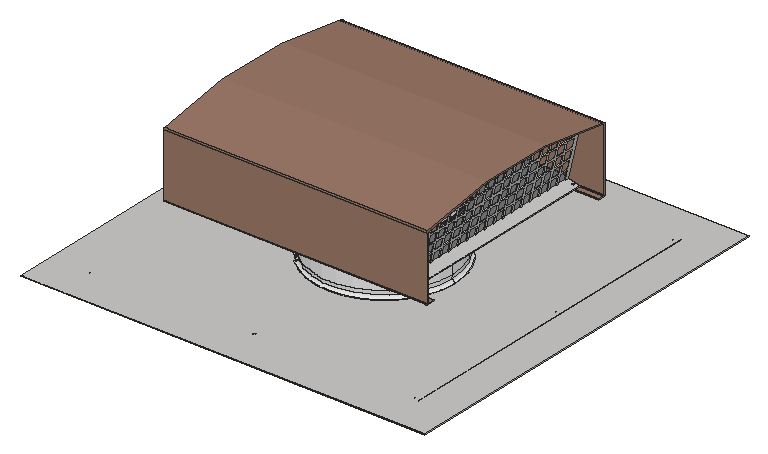
Revit family "HVAC-Other- ANJOS Ventilation-CTM 200", category Air Terminals, Revit 2024
Family settings
  Round Connector Dimension = Use Diameter
  Part Type = Normal
  Work Plane-Based = No
  Always vertical = Yes
  Cut with Voids When Loaded = No
  Maintain Annotation Orientation = No
  Shared = No
  Room Calculation Point = No
Parameters (values of type "200mm Terracotta Roof Terminal")
  URL = "http://www.airflow.com"
  Part number = "90001353"
  Pressure = 100.0 Pa
  Product name = "200mm Terracotta Roof Terminal"
  Manufacturer's name = "Airflow"
  Model = "200mm Terracotta Roof Terminal"
  Product URL link = "https://www.airflow.com/product/roof-cowls-and-slates/90001353"
  Manufacturer's URL link = "http://www.airflow.com"
  Installation instructions URL link = "https://www.airflow.com/product/roof-cowls-and-slates/90001353"
  Roof height (mm) = "140"  # constant formula
  Cap height (mm) = "82"  # constant formula
  Manufacturer = "Airflow"
  Manufacturer email = "info@airflow.com"
  Material 4 = ANJ010016 4
  Material 3 = ANJ010016 3
  Material 2 = ANJ010016 2
  Material 1 = ANJ010016 1
  Extract air flow at 20 Pa (m3/h) = "900"  # constant formula
  Supply air flow at 20 Pa (m3/h) = "600"  # constant formula
  Flow rate = 166.667 L/s
  Lead dimensions (mm) = "590x590"  # constant formula
  Cap dimensions (mm) = "333x400"  # constant formula
  Connection diameter = 200 mm  # constant formula
  Default Elevation = 0 mm
Types (3, lengths in mm): name | URL | Part number | Product name | Model | Product URL link | Manufacturer's URL link | Installation instructions URL link | Material 3
  (no name) | "http://www.airflow.com" | "90001353" | "200mm Terracotta Roof Terminal" | "200mm Terracotta Roof Terminal" | "https://www.airflow.com/product/roof-cowls-and-slates/90001353" | "http://www.airflow.com" | "https://www.airflow.com/product/roof-cowls-and-slates/90001353" | ANJ010016 3
  200mm Terracotta Roof Terminal | "http://www.airflow.com" | "90001353" | "200mm Terracotta Roof Terminal" | "200mm Terracotta Roof Terminal" | "https://www.airflow.com/product/roof-cowls-and-slates/90001353" | "http://www.airflow.com" | "https://www.airflow.com/product/roof-cowls-and-slates/90001353" | ANJ010016 3
  200mm dia Slate Roof Terminal | "http://www.airflow.com/" | "90001352" | "200mm Slate Roof Terminal" | "200mm Slate Roof Terminal" | "https://www.airflow.com/product/roof-cowls-and-slates/90001352" | "http://www.airflow.com/" | "https://www.airflow.com/product/roof-cowls-and-slates/90001352" | ANJ010016 3'
Reference planes
  plane 1 "Center (Front/Back)": y = 0
  plane 2: z = 0
  plane 3 "Center (Left/Right)": x = 0
Nested families
  nested 1: "ANJ010016 CTM" at (0, 0, 0), type "ANJ010016 CTM"
Connectors
  hvac at (0, 0, 0), driven by "Connection diameter", driven by "Flow rate", driven by "Pressure"
    settings: on level, index 1, duct flow 166.667 L/s, flow factor 0, pres drop 100.0 Pa, loss coef 0, conn angle 0.00°, conn width 304.8 mm, conn height 304.8 mm, conn diameter 200 mm, duct sys type 4, conn prof type 0, flow config 0, flow direction 0, loss method 4, conn ref index -1, conn util no, is conn primary yes, conn desc ""
Definition of nested family "ANJ010016 CTM"
  Parameters (values of type "ANJ010016 CTM")
    Version = "3"
    URL = "http://www.anjos-ventilation.com/"
    Polantis code = "ANJ010016"
    Model = "CTM"
    Manufacturer = "Anjos Ventilation"
    Email fabricant = "contact@anjos-ventilation.com "
    Matériel 4 = none
    Matériel 3 = none
    Matériel 2 = none
    Matériel 1 = none
    Débit à 20 Pa en rejet = ""
    Débit à 20 Pa en prise d'air = ""
    Default Elevation = 0 mm
  Reference planes
    plane 1 "Center (Front/Back)": y = 0
    plane 2: z = 0
    plane 3 "Center (Left/Right)": x = 0
  Forms (mm)
    Revolve 1, solid, material <- "Matériel 1"
      sketch origin (0, 0, 231.331) x (1, 0, 0) y (0, 0, 1)
        loop
          line (97.54, -68.331) -> (97.54, -86.566)
          arc (97.54, -86.566) -> (102.98, -93.301) -> (97.54, -100.037) r 6.89
          line (97.54, -100.037) -> (97.54, -182.813)
          arc (97.54, -182.813) -> (96.007, -187.462) -> (97.54, -192.111) r 7.819
          line (97.54, -192.111) -> (97.54, -199.729)
          arc (97.54, -199.729) -> (95.936, -204.534) -> (97.54, -209.339) r 8.001
          line (97.54, -209.339) -> (97.54, -231.331) -> (98.54, -231.331) -> (98.54, -208.993)
          arc (98.54, -208.993) -> (96.936, -204.534) -> (98.54, -200.075) r 7.001
          line (98.54, -200.075) -> (98.54, -191.769)
          arc (98.54, -191.769) -> (97.007, -187.462) -> (98.54, -183.155) r 6.819
          line (98.54, -183.155) -> (98.54, -100.801)
          arc (98.54, -100.801) -> (103.98, -93.301) -> (98.54, -85.801) r 7.89
          line (98.54, -85.801) -> (98.54, -68.331) -> (97.54, -68.331)
        axis (0, -68.331) -> (0, -231.331)
      angle from 0 to 360
    Extrusion 2, solid, material <- "Matériel 4"
      sketch origin (4.534, 0, 264.484) x (0.224951, 0, 0.97437) y (0, -1, 0)
        loop
          line (87.616, 164) -> (-5.373, 164) -> (-5.373, 160.5) -> (9.559, 160.5) -> (9.559, 145.5) -> (-5.373, 145.5) -> (-5.373, 143.5) -> (9.559, 143.5) -> (9.559, 128.5) -> (-5.373, 128.5) -> (-5.373, 126.5) -> (9.559, 126.5) -> (9.559, 111.5) -> (-5.373, 111.5) -> (-5.373, 109.5) -> (9.559, 109.5) -> (9.559, 94.5) -> (-5.373, 94.5) -> (-5.373, 92.5) -> (9.559, 92.5) -> (9.559, 77.5) -> (-5.373, 77.5) -> (-5.373, 75.5) -> (9.559, 75.5) -> (9.559, 60.5) -> (-5.373, 60.5) -> (-5.373, 58.5) -> (9.559, 58.5) -> (9.559, 43.5) -> (-5.373, 43.5) -> (-5.373, 41.5) -> (9.559, 41.5) -> (9.559, 26.5) -> (-5.373, 26.5) -> (-5.373, 24.5) -> (9.559, 24.5) -> (9.559, 9.5) -> (-5.373, 9.5) -> (-5.373, 7.5) -> (9.559, 7.5) -> (9.559, -7.5) -> (-5.373, -7.5) -> (-5.373, -9.5) -> (9.559, -9.5) -> (9.559, -24.5) -> (-5.373, -24.5) -> (-5.373, -26.5) -> (9.559, -26.5) -> (9.559, -41.5) -> (-5.373, -41.5) -> (-5.373, -43.5) -> (9.559, -43.5) -> (9.559, -58.5) -> (-5.373, -58.5) -> (-5.373, -60.5) -> (9.559, -60.5) -> (9.559, -75.5) -> (-5.373, -75.5) -> (-5.373, -77.5) -> (9.559, -77.5) -> (9.559, -92.5) -> (-5.373, -92.5) -> (-5.373, -94.5) -> (9.559, -94.5) -> (9.559, -109.5) -> (-5.373, -109.5) -> (-5.373, -111.5) -> (9.559, -111.5) -> (9.559, -126.5) -> (-5.373, -126.5) -> (-5.373, -128.5) -> (9.559, -128.5) -> (9.559, -143.5) -> (-5.373, -143.5) -> (-5.373, -145.5) -> (9.559, -145.5) -> (9.559, -160.5) -> (-5.373, -160.5) -> (-5.373, -164) -> (87.616, -164)
          arc (87.616, -164) -> (107.263, 0) -> (87.616, 164) r 694.311
        loop
          line (84.925, 160.5) -> (61.007, 160.5) -> (61.007, 145.5) -> (84.925, 145.5) -> (84.925, 160.5)
        loop
          line (59.065, 160.5) -> (44.504, 160.5) -> (44.504, 145.5) -> (59.065, 145.5) -> (59.065, 160.5)
        loop
          line (42.563, 160.5) -> (28.029, 160.5) -> (28.029, 145.5) -> (42.563, 145.5) -> (42.563, 160.5)
        loop
          line (26.061, 160.5) -> (11.5, 160.5) -> (11.5, 145.5) -> (26.061, 145.5) -> (26.061, 160.5)
        loop
          line (26.061, 143.5) -> (11.5, 143.5) -> (11.5, 128.5) -> (26.061, 128.5) -> (26.061, 143.5)
        loop
          line (28.029, 143.5) -> (28.029, 128.5) -> (42.563, 128.5) -> (42.563, 143.5) -> (28.029, 143.5)
        loop
          line (44.504, 143.5) -> (44.504, 128.5) -> (59.065, 128.5) -> (59.065, 143.5) -> (44.504, 143.5)
        loop
          line (89.827, 143.5) -> (61.007, 143.5) -> (61.007, 128.5) -> (89.827, 128.5) -> (89.827, 143.5)
        loop
          line (75.567, 94.5) -> (75.567, 109.5) -> (61.007, 109.5) -> (61.007, 94.5) -> (75.567, 94.5)
        loop
          line (59.065, 94.5) -> (59.065, 109.5) -> (44.504, 109.5) -> (44.504, 94.5) -> (59.065, 94.5)
        loop
          line (42.563, 94.5) -> (42.563, 109.5) -> (28.029, 109.5) -> (28.029, 94.5) -> (42.563, 94.5)
        loop
          line (26.061, 94.5) -> (26.061, 109.5) -> (11.5, 109.5) -> (11.5, 94.5) -> (26.061, 94.5)
        loop
          line (26.061, 111.5) -> (26.061, 126.5) -> (11.5, 126.5) -> (11.5, 111.5) -> (26.061, 111.5)
        loop
          line (28.029, 111.5) -> (42.563, 111.5) -> (42.563, 126.5) -> (28.029, 126.5) -> (28.029, 111.5)
        loop
          line (44.504, 111.5) -> (59.065, 111.5) -> (59.065, 126.5) -> (44.504, 126.5) -> (44.504, 111.5)
        loop
          line (75.567, 111.5) -> (75.567, 126.5) -> (61.007, 126.5) -> (61.007, 111.5) -> (75.567, 111.5)
        loop
          line (75.567, 92.5) -> (61.007, 92.5) -> (61.007, 77.5) -> (75.567, 77.5) -> (75.567, 92.5)
        loop
          line (59.065, 92.5) -> (44.504, 92.5) -> (44.504, 77.5) -> (59.065, 77.5) -> (59.065, 92.5)
        loop
          line (42.563, 92.5) -> (28.029, 92.5) -> (28.029, 77.5) -> (42.563, 77.5) -> (42.563, 92.5)
        loop
          line (26.061, 92.5) -> (11.5, 92.5) -> (11.5, 77.5) -> (26.061, 77.5) -> (26.061, 92.5)
        loop
          line (26.061, 75.5) -> (11.5, 75.5) -> (11.5, 60.5) -> (26.061, 60.5) -> (26.061, 75.5)
        loop
          line (28.029, 75.5) -> (28.029, 60.5) -> (42.563, 60.5) -> (42.563, 75.5) -> (28.029, 75.5)
        loop
          line (44.504, 75.5) -> (44.504, 60.5) -> (59.065, 60.5) -> (59.065, 75.5) -> (44.504, 75.5)
        loop
          line (75.52, 75.5) -> (61.007, 75.5) -> (61.007, 60.5) -> (75.52, 60.5) -> (75.52, 75.5)
        loop
          line (75.567, 26.5) -> (75.567, 41.5) -> (61.007, 41.5) -> (61.007, 26.5) -> (75.567, 26.5)
        loop
          line (59.065, 26.5) -> (59.065, 41.5) -> (44.504, 41.5) -> (44.504, 26.5) -> (59.065, 26.5)
        loop
          line (42.563, 26.5) -> (42.563, 41.5) -> (28.029, 41.5) -> (28.029, 26.5) -> (42.563, 26.5)
        loop
          line (26.061, 26.5) -> (26.061, 41.5) -> (11.5, 41.5) -> (11.5, 26.5) -> (26.061, 26.5)
        loop
          line (26.061, 43.5) -> (26.061, 58.5) -> (11.5, 58.5) -> (11.5, 43.5) -> (26.061, 43.5)
        loop
          line (28.029, 43.5) -> (42.563, 43.5) -> (42.563, 58.5) -> (28.029, 58.5) -> (28.029, 43.5)
        loop
          line (44.504, 43.5) -> (59.065, 43.5) -> (59.065, 58.5) -> (44.504, 58.5) -> (44.504, 43.5)
        loop
          line (75.52, 43.5) -> (75.52, 58.5) -> (61.007, 58.5) -> (61.007, 43.5) -> (75.52, 43.5)
        loop
          line (75.567, 24.5) -> (61.007, 24.5) -> (61.007, 9.5) -> (75.567, 9.5) -> (75.567, 24.5)
        loop
          line (59.065, 24.5) -> (44.504, 24.5) -> (44.504, 9.5) -> (59.065, 9.5) -> (59.065, 24.5)
        loop
          line (42.563, 24.5) -> (28.029, 24.5) -> (28.029, 9.5) -> (42.563, 9.5) -> (42.563, 24.5)
        loop
          line (26.061, 24.5) -> (11.5, 24.5) -> (11.5, 9.5) -> (26.061, 9.5) -> (26.061, 24.5)
        loop
          line (26.061, 7.5) -> (11.5, 7.5) -> (11.5, -7.5) -> (26.061, -7.5) -> (26.061, 7.5)
        loop
          line (28.029, 7.5) -> (28.029, -7.5) -> (42.563, -7.5) -> (42.563, 7.5) -> (28.029, 7.5)
        loop
          line (44.504, 7.5) -> (44.504, -7.5) -> (59.065, -7.5) -> (59.065, 7.5) -> (44.504, 7.5)
        loop
          line (75.52, 7.5) -> (61.007, 7.5) -> (61.007, -7.5) -> (75.52, -7.5) -> (75.52, 7.5)
        loop
          line (75.567, -41.5) -> (75.567, -26.5) -> (61.007, -26.5) -> (61.007, -41.5) -> (75.567, -41.5)
        loop
          line (59.065, -41.5) -> (59.065, -26.5) -> (44.504, -26.5) -> (44.504, -41.5) -> (59.065, -41.5)
        loop
          line (42.563, -41.5) -> (42.563, -26.5) -> (28.029, -26.5) -> (28.029, -41.5) -> (42.563, -41.5)
        loop
          line (26.061, -41.5) -> (26.061, -26.5) -> (11.5, -26.5) -> (11.5, -41.5) -> (26.061, -41.5)
        loop
          line (26.061, -24.5) -> (26.061, -9.5) -> (11.5, -9.5) -> (11.5, -24.5) -> (26.061, -24.5)
        loop
          line (28.029, -24.5) -> (42.563, -24.5) -> (42.563, -9.5) -> (28.029, -9.5) -> (28.029, -24.5)
        loop
          line (44.504, -24.5) -> (59.065, -24.5) -> (59.065, -9.5) -> (44.504, -9.5) -> (44.504, -24.5)
        loop
          line (75.567, -24.5) -> (75.567, -9.5) -> (61.007, -9.5) -> (61.007, -24.5) -> (75.567, -24.5)
        loop
          line (75.567, -43.5) -> (61.007, -43.5) -> (61.007, -58.5) -> (75.567, -58.5) -> (75.567, -43.5)
        loop
          line (59.065, -43.5) -> (44.504, -43.5) -> (44.504, -58.5) -> (59.065, -58.5) -> (59.065, -43.5)
        loop
          line (42.563, -43.5) -> (28.029, -43.5) -> (28.029, -58.5) -> (42.563, -58.5) -> (42.563, -43.5)
        loop
          line (26.061, -43.5) -> (11.5, -43.5) -> (11.5, -58.5) -> (26.061, -58.5) -> (26.061, -43.5)
        loop
          line (26.061, -60.5) -> (11.5, -60.5) -> (11.5, -75.5) -> (26.061, -75.5) -> (26.061, -60.5)
        loop
          line (28.029, -60.5) -> (28.029, -75.5) -> (42.563, -75.5) -> (42.563, -60.5) -> (28.029, -60.5)
        loop
          line (44.504, -60.5) -> (44.504, -75.5) -> (59.065, -75.5) -> (59.065, -60.5) -> (44.504, -60.5)
        loop
          line (75.567, -60.5) -> (61.007, -60.5) -> (61.007, -75.5) -> (75.567, -75.5) -> (75.567, -60.5)
        loop
          line (75.567, -109.5) -> (75.567, -94.5) -> (61.007, -94.5) -> (61.007, -109.5) -> (75.567, -109.5)
        loop
          line (59.065, -109.5) -> (59.065, -94.5) -> (44.504, -94.5) -> (44.504, -109.5) -> (59.065, -109.5)
        loop
          line (42.563, -109.5) -> (42.563, -94.5) -> (28.029, -94.5) -> (28.029, -109.5) -> (42.563, -109.5)
        loop
          line (26.061, -109.5) -> (26.061, -94.5) -> (11.5, -94.5) -> (11.5, -109.5) -> (26.061, -109.5)
        loop
          line (26.061, -92.5) -> (26.061, -77.5) -> (11.5, -77.5) -> (11.5, -92.5) -> (26.061, -92.5)
        loop
          line (28.029, -92.5) -> (42.563, -92.5) -> (42.563, -77.5) -> (28.029, -77.5) -> (28.029, -92.5)
        loop
          line (44.504, -92.5) -> (59.065, -92.5) -> (59.065, -77.5) -> (44.504, -77.5) -> (44.504, -92.5)
        loop
          line (75.567, -92.5) -> (75.567, -77.5) -> (61.007, -77.5) -> (61.007, -92.5) -> (75.567, -92.5)
        loop
          line (75.567, -111.5) -> (61.007, -111.5) -> (61.007, -126.5) -> (75.567, -126.5) -> (75.567, -111.5)
        loop
          line (59.065, -111.5) -> (44.504, -111.5) -> (44.504, -126.5) -> (59.065, -126.5) -> (59.065, -111.5)
        loop
          line (42.563, -111.5) -> (28.029, -111.5) -> (28.029, -126.5) -> (42.563, -126.5) -> (42.563, -111.5)
        loop
          line (26.061, -111.5) -> (11.5, -111.5) -> (11.5, -126.5) -> (26.061, -126.5) -> (26.061, -111.5)
        loop
          line (26.061, -128.5) -> (11.5, -128.5) -> (11.5, -143.5) -> (26.061, -143.5) -> (26.061, -128.5)
        loop
          line (28.029, -128.5) -> (28.029, -143.5) -> (42.563, -143.5) -> (42.563, -128.5) -> (28.029, -128.5)
        loop
          line (44.504, -128.5) -> (44.504, -143.5) -> (59.065, -143.5) -> (59.065, -128.5) -> (44.504, -128.5)
        loop
          line (89.827, -128.5) -> (61.007, -128.5) -> (61.007, -143.5) -> (89.827, -143.5) -> (89.827, -128.5)
        loop
          line (26.061, -160.5) -> (26.061, -145.5) -> (11.5, -145.5) -> (11.5, -160.5) -> (26.061, -160.5)
        loop
          line (28.029, -160.5) -> (42.563, -160.5) -> (42.563, -145.5) -> (28.029, -145.5) -> (28.029, -160.5)
        loop
          line (44.504, -160.5) -> (59.065, -160.5) -> (59.065, -145.5) -> (44.504, -145.5) -> (44.504, -160.5)
        loop
          line (84.925, -160.5) -> (84.925, -145.5) -> (61.007, -145.5) -> (61.007, -160.5) -> (84.925, -160.5)
        loop
          line (93.04, 126.5) -> (77.509, 126.5) -> (77.509, 111.5) -> (93.04, 111.5) -> (93.04, 126.5)
        loop
          line (95.836, 109.5) -> (77.509, 109.5) -> (77.509, 94.5) -> (95.836, 94.5) -> (95.836, 109.5)
        loop
          line (98.263, 92.5) -> (77.512, 92.5) -> (77.512, 77.5) -> (98.263, 77.5) -> (98.263, 92.5)
        loop
          line (100.185, 75.5) -> (77.509, 75.5) -> (77.509, 60.5) -> (100.185, 60.5) -> (100.185, 75.5)
        loop
          line (101.981, 58.5) -> (77.509, 58.5) -> (77.509, 43.5) -> (101.981, 43.5) -> (101.981, 58.5)
        loop
          line (102.922, 41.5) -> (77.509, 41.5) -> (77.509, 26.5) -> (102.922, 26.5) -> (102.922, 41.5)
        loop
          line (103.689, 24.5) -> (77.509, 24.5) -> (77.509, 9.5) -> (103.689, 9.5) -> (103.689, 24.5)
        loop
          line (104.174, 7.5) -> (77.509, 7.5) -> (77.509, -7.5) -> (104.174, -7.5) -> (104.174, 7.5)
        loop
          line (77.509, -9.5) -> (77.509, -24.5) -> (103.727, -24.5) -> (103.727, -9.5) -> (77.509, -9.5)
        loop
          line (77.509, -26.5) -> (77.509, -41.5) -> (102.922, -41.5) -> (102.922, -26.5) -> (77.509, -26.5)
        loop
          line (101.981, -43.5) -> (77.509, -43.5) -> (77.509, -58.5) -> (101.981, -58.5) -> (101.981, -43.5)
        loop
          line (100.185, -60.5) -> (77.509, -60.5) -> (77.509, -75.5) -> (100.185, -75.5) -> (100.185, -60.5)
        loop
          line (98.263, -77.5) -> (77.509, -77.5) -> (77.509, -92.5) -> (98.263, -92.5) -> (98.263, -77.5)
        loop
          line (95.836, -94.5) -> (77.509, -94.5) -> (77.509, -109.5) -> (95.836, -109.5) -> (95.836, -94.5)
        loop
          line (93.04, -111.5) -> (77.509, -111.5) -> (77.509, -126.5) -> (93.04, -126.5) -> (93.04, -111.5)
      from 144.44 to 145.528
    Extrusion 3, solid, material <- "Matériel 3"
      sketch origin (0, 0, 231.331) x (0, 0, 1) y (0, -1, 0)
        loop
          arc (88.248, 166.103) -> (87.669, 166.878) -> (86.71, 167) r 1.238
          line (86.71, 167) -> (-9.796, 167)
          arc (-9.796, 167) -> (-10.747, 166.306) -> (-10.75, 165.128) r 1.302
          line (-10.75, 165.128) -> (-9.75, 165.128)
          arc (-9.75, 165.128) -> (-9.761, 165.647) -> (-9.38, 166) r 0.632
          line (-9.38, 166) -> (86.491, 166)
          arc (86.491, 166) -> (87.147, 165.728) -> (87.419, 165.072) r 0.928
          arc (87.419, 165.072) -> (107.254, -0.099) -> (87.419, -165.269) r 697.631
          arc (87.419, -165.269) -> (87.284, -165.715) -> (86.912, -165.994) r 0.747
          line (86.912, -165.994) -> (-8.365, -165.994)
          arc (-8.365, -165.994) -> (-9.088, -165.991) -> (-9.75, -165.7) r 1.781
          line (-9.75, -165.7) -> (-10.75, -165.7)
          arc (-10.75, -165.7) -> (-10.609, -166.533) -> (-9.945, -167) r 1.062
          line (-9.945, -167) -> (87.46, -167)
          arc (87.46, -167) -> (87.971, -166.802) -> (88.262, -166.316) r 0.761
          arc (88.262, -166.316) -> (108.302, -0.106) -> (88.248, 166.103) r 699.066
      from -198.572 to 198.5
    Extrusion 4, solid, material <- "Matériel 4"
      sketch origin (4.107, 0, 261.057) x (-0.978148, 0, 0.207912) y (0, 1, 0)
        loop
          line (-163.367, -164) -> (-145.122, -164) -> (-145.122, 164) -> (-163.367, 164) -> (-163.367, -164)
        loop
          circle (-157.496, -160.006) r 1.745
        loop
          circle (-157.506, 159.999) r 1.744
      from 3.495 to 4.483
    Extrusion 5, solid, material <- "Matériel 4"
      sketch origin (-4.534, 0, 264.484) x (-0.224951, 0, 0.97437) y (0, 1, 0)
        loop
          arc (87.616, -164) -> (107.263, 0) -> (87.616, 164) r 694.311
          line (87.616, 164) -> (-5.373, 164) -> (-5.373, 160.5) -> (9.559, 160.5) -> (9.559, 145.5) -> (-5.373, 145.5) -> (-5.373, 143.5) -> (9.559, 143.5) -> (9.559, 128.5) -> (-5.373, 128.5) -> (-5.373, 126.5) -> (9.559, 126.5) -> (9.559, 111.5) -> (-5.373, 111.5) -> (-5.373, 109.5) -> (9.559, 109.5) -> (9.559, 94.5) -> (-5.373, 94.5) -> (-5.373, 92.5) -> (9.559, 92.5) -> (9.559, 77.5) -> (-5.373, 77.5) -> (-5.373, 75.5) -> (9.559, 75.5) -> (9.559, 60.5) -> (-5.373, 60.5) -> (-5.373, 58.5) -> (9.559, 58.5) -> (9.559, 43.5) -> (-5.373, 43.5) -> (-5.373, 41.5) -> (9.559, 41.5) -> (9.559, 26.5) -> (-5.373, 26.5) -> (-5.373, 24.5) -> (9.559, 24.5) -> (9.559, 9.5) -> (-5.373, 9.5) -> (-5.373, 7.5) -> (9.559, 7.5) -> (9.559, -7.5) -> (-5.373, -7.5) -> (-5.373, -9.5) -> (9.559, -9.5) -> (9.559, -24.5) -> (-5.373, -24.5) -> (-5.373, -26.5) -> (9.559, -26.5) -> (9.559, -41.5) -> (-5.373, -41.5) -> (-5.373, -43.5) -> (9.559, -43.5) -> (9.559, -58.5) -> (-5.373, -58.5) -> (-5.373, -60.5) -> (9.559, -60.5) -> (9.559, -75.5) -> (-5.373, -75.5) -> (-5.373, -77.5) -> (9.559, -77.5) -> (9.559, -92.5) -> (-5.373, -92.5) -> (-5.373, -94.5) -> (9.559, -94.5) -> (9.559, -109.5) -> (-5.373, -109.5) -> (-5.373, -111.5) -> (9.559, -111.5) -> (9.559, -126.5) -> (-5.373, -126.5) -> (-5.373, -128.5) -> (9.559, -128.5) -> (9.559, -143.5) -> (-5.373, -143.5) -> (-5.373, -145.5) -> (9.559, -145.5) -> (9.559, -160.5) -> (-5.373, -160.5) -> (-5.373, -164) -> (87.616, -164)
        loop
          line (84.925, -160.5) -> (84.925, -145.5) -> (61.007, -145.5) -> (61.007, -160.5) -> (84.925, -160.5)
        loop
          line (59.065, -160.5) -> (59.065, -145.5) -> (44.504, -145.5) -> (44.504, -160.5) -> (59.065, -160.5)
        loop
          line (42.563, -160.5) -> (42.563, -145.5) -> (28.029, -145.5) -> (28.029, -160.5) -> (42.563, -160.5)
        loop
          line (26.061, -160.5) -> (26.061, -145.5) -> (11.5, -145.5) -> (11.5, -160.5) -> (26.061, -160.5)
        loop
          line (26.061, -143.5) -> (26.061, -128.5) -> (11.5, -128.5) -> (11.5, -143.5) -> (26.061, -143.5)
        loop
          line (28.029, -143.5) -> (42.563, -143.5) -> (42.563, -128.5) -> (28.029, -128.5) -> (28.029, -143.5)
        loop
          line (44.504, -143.5) -> (59.065, -143.5) -> (59.065, -128.5) -> (44.504, -128.5) -> (44.504, -143.5)
        loop
          line (89.827, -143.5) -> (89.827, -128.5) -> (61.007, -128.5) -> (61.007, -143.5) -> (89.827, -143.5)
        loop
          line (75.567, -94.5) -> (61.007, -94.5) -> (61.007, -109.5) -> (75.567, -109.5) -> (75.567, -94.5)
        loop
          line (59.065, -94.5) -> (44.504, -94.5) -> (44.504, -109.5) -> (59.065, -109.5) -> (59.065, -94.5)
        loop
          line (42.563, -94.5) -> (28.029, -94.5) -> (28.029, -109.5) -> (42.563, -109.5) -> (42.563, -94.5)
        loop
          line (26.061, -94.5) -> (11.5, -94.5) -> (11.5, -109.5) -> (26.061, -109.5) -> (26.061, -94.5)
        loop
          line (26.061, -111.5) -> (11.5, -111.5) -> (11.5, -126.5) -> (26.061, -126.5) -> (26.061, -111.5)
        loop
          line (28.029, -111.5) -> (28.029, -126.5) -> (42.563, -126.5) -> (42.563, -111.5) -> (28.029, -111.5)
        loop
          line (44.504, -111.5) -> (44.504, -126.5) -> (59.065, -126.5) -> (59.065, -111.5) -> (44.504, -111.5)
        loop
          line (75.567, -111.5) -> (61.007, -111.5) -> (61.007, -126.5) -> (75.567, -126.5) -> (75.567, -111.5)
        loop
          line (75.567, -92.5) -> (75.567, -77.5) -> (61.007, -77.5) -> (61.007, -92.5) -> (75.567, -92.5)
        loop
          line (59.065, -92.5) -> (59.065, -77.5) -> (44.504, -77.5) -> (44.504, -92.5) -> (59.065, -92.5)
        loop
          line (42.563, -92.5) -> (42.563, -77.5) -> (28.029, -77.5) -> (28.029, -92.5) -> (42.563, -92.5)
        loop
          line (26.061, -92.5) -> (26.061, -77.5) -> (11.5, -77.5) -> (11.5, -92.5) -> (26.061, -92.5)
        loop
          line (26.061, -75.5) -> (26.061, -60.5) -> (11.5, -60.5) -> (11.5, -75.5) -> (26.061, -75.5)
        loop
          line (28.029, -75.5) -> (42.563, -75.5) -> (42.563, -60.5) -> (28.029, -60.5) -> (28.029, -75.5)
        loop
          line (44.504, -75.5) -> (59.065, -75.5) -> (59.065, -60.5) -> (44.504, -60.5) -> (44.504, -75.5)
        loop
          line (75.52, -75.5) -> (75.52, -60.5) -> (61.007, -60.5) -> (61.007, -75.5) -> (75.52, -75.5)
        loop
          line (75.567, -26.5) -> (61.007, -26.5) -> (61.007, -41.5) -> (75.567, -41.5) -> (75.567, -26.5)
        loop
          line (59.065, -26.5) -> (44.504, -26.5) -> (44.504, -41.5) -> (59.065, -41.5) -> (59.065, -26.5)
        loop
          line (42.563, -26.5) -> (28.029, -26.5) -> (28.029, -41.5) -> (42.563, -41.5) -> (42.563, -26.5)
        loop
          line (26.061, -26.5) -> (11.5, -26.5) -> (11.5, -41.5) -> (26.061, -41.5) -> (26.061, -26.5)
        loop
          line (26.061, -43.5) -> (11.5, -43.5) -> (11.5, -58.5) -> (26.061, -58.5) -> (26.061, -43.5)
        loop
          line (28.029, -43.5) -> (28.029, -58.5) -> (42.563, -58.5) -> (42.563, -43.5) -> (28.029, -43.5)
        loop
          line (44.504, -43.5) -> (44.504, -58.5) -> (59.065, -58.5) -> (59.065, -43.5) -> (44.504, -43.5)
        loop
          line (75.52, -43.5) -> (61.007, -43.5) -> (61.007, -58.5) -> (75.52, -58.5) -> (75.52, -43.5)
        loop
          line (75.567, -24.5) -> (75.567, -9.5) -> (61.007, -9.5) -> (61.007, -24.5) -> (75.567, -24.5)
        loop
          line (59.065, -24.5) -> (59.065, -9.5) -> (44.504, -9.5) -> (44.504, -24.5) -> (59.065, -24.5)
        loop
          line (42.563, -24.5) -> (42.563, -9.5) -> (28.029, -9.5) -> (28.029, -24.5) -> (42.563, -24.5)
        loop
          line (26.061, -24.5) -> (26.061, -9.5) -> (11.5, -9.5) -> (11.5, -24.5) -> (26.061, -24.5)
        loop
          line (26.061, -7.5) -> (26.061, 7.5) -> (11.5, 7.5) -> (11.5, -7.5) -> (26.061, -7.5)
        loop
          line (28.029, -7.5) -> (42.563, -7.5) -> (42.563, 7.5) -> (28.029, 7.5) -> (28.029, -7.5)
        loop
          line (44.504, -7.5) -> (59.065, -7.5) -> (59.065, 7.5) -> (44.504, 7.5) -> (44.504, -7.5)
        loop
          line (75.52, -7.5) -> (75.52, 7.5) -> (61.007, 7.5) -> (61.007, -7.5) -> (75.52, -7.5)
        loop
          line (75.567, 41.5) -> (61.007, 41.5) -> (61.007, 26.5) -> (75.567, 26.5) -> (75.567, 41.5)
        loop
          line (59.065, 41.5) -> (44.504, 41.5) -> (44.504, 26.5) -> (59.065, 26.5) -> (59.065, 41.5)
        loop
          line (42.563, 41.5) -> (28.029, 41.5) -> (28.029, 26.5) -> (42.563, 26.5) -> (42.563, 41.5)
        loop
          line (26.061, 41.5) -> (11.5, 41.5) -> (11.5, 26.5) -> (26.061, 26.5) -> (26.061, 41.5)
        loop
          line (26.061, 24.5) -> (11.5, 24.5) -> (11.5, 9.5) -> (26.061, 9.5) -> (26.061, 24.5)
        loop
          line (28.029, 24.5) -> (28.029, 9.5) -> (42.563, 9.5) -> (42.563, 24.5) -> (28.029, 24.5)
        loop
          line (44.504, 24.5) -> (44.504, 9.5) -> (59.065, 9.5) -> (59.065, 24.5) -> (44.504, 24.5)
        loop
          line (75.567, 24.5) -> (61.007, 24.5) -> (61.007, 9.5) -> (75.567, 9.5) -> (75.567, 24.5)
        loop
          line (75.567, 43.5) -> (75.567, 58.5) -> (61.007, 58.5) -> (61.007, 43.5) -> (75.567, 43.5)
        loop
          line (59.065, 43.5) -> (59.065, 58.5) -> (44.504, 58.5) -> (44.504, 43.5) -> (59.065, 43.5)
        loop
          line (42.563, 43.5) -> (42.563, 58.5) -> (28.029, 58.5) -> (28.029, 43.5) -> (42.563, 43.5)
        loop
          line (26.061, 43.5) -> (26.061, 58.5) -> (11.5, 58.5) -> (11.5, 43.5) -> (26.061, 43.5)
        loop
          line (26.061, 60.5) -> (26.061, 75.5) -> (11.5, 75.5) -> (11.5, 60.5) -> (26.061, 60.5)
        loop
          line (28.029, 60.5) -> (42.563, 60.5) -> (42.563, 75.5) -> (28.029, 75.5) -> (28.029, 60.5)
        loop
          line (44.504, 60.5) -> (59.065, 60.5) -> (59.065, 75.5) -> (44.504, 75.5) -> (44.504, 60.5)
        loop
          line (75.567, 60.5) -> (75.567, 75.5) -> (61.007, 75.5) -> (61.007, 60.5) -> (75.567, 60.5)
        loop
          line (75.567, 109.5) -> (61.007, 109.5) -> (61.007, 94.5) -> (75.567, 94.5) -> (75.567, 109.5)
        loop
          line (59.065, 109.5) -> (44.504, 109.5) -> (44.504, 94.5) -> (59.065, 94.5) -> (59.065, 109.5)
        loop
          line (42.563, 109.5) -> (28.029, 109.5) -> (28.029, 94.5) -> (42.563, 94.5) -> (42.563, 109.5)
        loop
          line (26.061, 109.5) -> (11.5, 109.5) -> (11.5, 94.5) -> (26.061, 94.5) -> (26.061, 109.5)
        loop
          line (26.061, 92.5) -> (11.5, 92.5) -> (11.5, 77.5) -> (26.061, 77.5) -> (26.061, 92.5)
        loop
          line (28.029, 92.5) -> (28.029, 77.5) -> (42.563, 77.5) -> (42.563, 92.5) -> (28.029, 92.5)
        loop
          line (44.504, 92.5) -> (44.504, 77.5) -> (59.065, 77.5) -> (59.065, 92.5) -> (44.504, 92.5)
        loop
          line (75.567, 92.5) -> (61.007, 92.5) -> (61.007, 77.5) -> (75.567, 77.5) -> (75.567, 92.5)
        loop
          line (75.567, 111.5) -> (75.567, 126.5) -> (61.007, 126.5) -> (61.007, 111.5) -> (75.567, 111.5)
        loop
          line (59.065, 111.5) -> (59.065, 126.5) -> (44.504, 126.5) -> (44.504, 111.5) -> (59.065, 111.5)
        loop
          line (42.563, 111.5) -> (42.563, 126.5) -> (28.029, 126.5) -> (28.029, 111.5) -> (42.563, 111.5)
        loop
          line (26.061, 111.5) -> (26.061, 126.5) -> (11.5, 126.5) -> (11.5, 111.5) -> (26.061, 111.5)
        loop
          line (26.061, 128.5) -> (26.061, 143.5) -> (11.5, 143.5) -> (11.5, 128.5) -> (26.061, 128.5)
        loop
          line (28.029, 128.5) -> (42.563, 128.5) -> (42.563, 143.5) -> (28.029, 143.5) -> (28.029, 128.5)
        loop
          line (44.504, 128.5) -> (59.065, 128.5) -> (59.065, 143.5) -> (44.504, 143.5) -> (44.504, 128.5)
        loop
          line (89.827, 128.5) -> (89.827, 143.5) -> (61.007, 143.5) -> (61.007, 128.5) -> (89.827, 128.5)
        loop
          line (26.061, 160.5) -> (11.5, 160.5) -> (11.5, 145.5) -> (26.061, 145.5) -> (26.061, 160.5)
        loop
          line (28.029, 160.5) -> (28.029, 145.5) -> (42.563, 145.5) -> (42.563, 160.5) -> (28.029, 160.5)
        loop
          line (44.504, 160.5) -> (44.504, 145.5) -> (59.065, 145.5) -> (59.065, 160.5) -> (44.504, 160.5)
        loop
          line (84.925, 160.5) -> (61.007, 160.5) -> (61.007, 145.5) -> (84.925, 145.5) -> (84.925, 160.5)
        loop
          line (93.04, -126.5) -> (93.04, -111.5) -> (77.509, -111.5) -> (77.509, -126.5) -> (93.04, -126.5)
        loop
          line (95.836, -109.5) -> (95.836, -94.5) -> (77.509, -94.5) -> (77.509, -109.5) -> (95.836, -109.5)
        loop
          line (98.263, -92.5) -> (98.263, -77.5) -> (77.512, -77.5) -> (77.512, -92.5) -> (98.263, -92.5)
        loop
          line (100.185, -75.5) -> (100.185, -60.5) -> (77.509, -60.5) -> (77.509, -75.5) -> (100.185, -75.5)
        loop
          line (101.981, -58.5) -> (101.981, -43.5) -> (77.509, -43.5) -> (77.509, -58.5) -> (101.981, -58.5)
        loop
          line (102.922, -41.5) -> (102.922, -26.5) -> (77.509, -26.5) -> (77.509, -41.5) -> (102.922, -41.5)
        loop
          line (103.689, -24.5) -> (103.689, -9.5) -> (77.509, -9.5) -> (77.509, -24.5) -> (103.689, -24.5)
        loop
          line (104.174, -7.5) -> (104.174, 7.5) -> (77.509, 7.5) -> (77.509, -7.5) -> (104.174, -7.5)
        loop
          line (77.509, 9.5) -> (103.727, 9.5) -> (103.727, 24.5) -> (77.509, 24.5) -> (77.509, 9.5)
        loop
          line (77.509, 26.5) -> (102.922, 26.5) -> (102.922, 41.5) -> (77.509, 41.5) -> (77.509, 26.5)
        loop
          line (101.981, 43.5) -> (101.981, 58.5) -> (77.509, 58.5) -> (77.509, 43.5) -> (101.981, 43.5)
        loop
          line (100.185, 60.5) -> (100.185, 75.5) -> (77.509, 75.5) -> (77.509, 60.5) -> (100.185, 60.5)
        loop
          line (98.263, 77.5) -> (98.263, 92.5) -> (77.509, 92.5) -> (77.509, 77.5) -> (98.263, 77.5)
        loop
          line (95.836, 94.5) -> (95.836, 109.5) -> (77.509, 109.5) -> (77.509, 94.5) -> (95.836, 94.5)
        loop
          line (93.04, 111.5) -> (93.04, 126.5) -> (77.509, 126.5) -> (77.509, 111.5) -> (93.04, 111.5)
      from 144.44 to 145.528
    Extrusion 6, solid, material <- "Matériel 4"
      sketch origin (-4.107, 0, 261.057) x (0.978148, 0, 0.207912) y (0, -1, 0)
        loop
          line (-163, 164) -> (-163, -164) -> (-145.122, -164) -> (-145.122, 164) -> (-163, 164)
        loop
          circle (-157.496, 160.006) r 1.745
        loop
          circle (-157.506, -159.999) r 1.744
      from 3.495 to 4.698
    Extrusion 7, solid, material <- "Matériel 3"
      sketch origin (0, 0, 210.831) x (0, -1, 0) y (1, 0, 0)
        loop
          line (-155.5, -198.5) -> (-155.5, 198.5) -> (-165.7, 198.5) -> (-165.7, -198.5) -> (-155.5, -198.5)
        loop
          circle (-160.001, -156.914) r 1.765
        loop
          circle (-159.96, 0.074) r 1.724
        loop
          arc (-158.4, 157.71) -> (-160.756, 158.711) -> (-161.698, 156.33) r 1.788
          arc (-161.698, 156.33) -> (-159.359, 155.371) -> (-158.4, 157.71) r 1.788
      from 9.75 to 10.75
    Extrusion 8, solid, material <- "Matériel 3"
      sketch origin (0, 0.571, 210.831) x (0, -1, 0) y (1, 0, 0)
        loop
          line (155.5, -198.5) -> (165.7, -198.5) -> (165.7, 198.5) -> (155.5, 198.5) -> (155.5, -198.5)
        loop
          circle (160.001, -156.914) r 1.765
        loop
          circle (159.96, 0.074) r 1.724
        loop
          arc (158.4, 157.71) -> (159.359, 155.371) -> (161.698, 156.33) r 1.788
          arc (161.698, 156.33) -> (160.756, 158.711) -> (158.4, 157.71) r 1.788
      from 9.75 to 10.75
    Sweep 9, solid, material <- "Matériel 2"
      path origin (0, 0, 231.331) x (0, -1, 0) y (1, 0, 0)
        loop
          circle (0, 0) r 97.546
      profile origin (-97.546, 0, 231.331) x (1, 0, 0) y (0, 0, 1)
        loop
          line (-6.454, 0.043) -> (-6.454, -0.957)
          arc (-6.454, -0.957) -> (-3.584, -2.153) -> (-2.411, -5.033) r 4.043
          line (-2.411, -5.033) -> (-1.999, -10.925) -> (-0.472, -16.25) -> (0.568, -16.25) -> (-1.009, -10.75) -> (-1.411, -5)
          arc (-1.411, -5) -> (-2.888, -1.434) -> (-6.454, 0.043) r 5.043
    Extrusion 10, solid, material <- "Matériel 2"
      sketch origin (0, -0.014, 227.06) x (0, -1, 0) y (1, 0, 0)
        loop
          line (164.986, -135) -> (164.986, 135) -> (-165.014, 135) -> (-165.014, -135) -> (164.986, -135)
        loop
          circle (0, 0) r 104
      from 3.314 to 4.271
    Extrusion 11, solid, material <- "Matériel 2"
      sketch origin (0, 0, 231.331) x (0, 0, 1) y (0, -1, 0)
        loop
          line (0, -165) -> (-8.953, -165) -> (-8.953, -154.95) -> (-9.75, -154.95) -> (-9.75, -165)
          arc (-9.75, -165) -> (-9.53, -165.53) -> (-9, -165.75) r 0.75
          line (-9, -165.75) -> (-0.75, -165.75)
          arc (-0.75, -165.75) -> (-0.22, -165.53) -> (0, -165) r 0.75
      from -135 to 134.823
    Extrusion 12, solid, material <- "Matériel 2"
      sketch origin (0, 0, 231.331) x (1, 0, 0) y (0, 0, 1)
        loop
          line (-153, -8.99) -> (-153, -9.971) -> (-135, -0.981) -> (-135, 0) -> (-153, -8.99)
      from -165 to 165
    Extrusion 13, solid, material <- "Matériel 2"
      sketch origin (0, 0, 212.371) x (0, -1, 0) y (1, 0, 0)
        loop
          line (165, -163) -> (165, -153) -> (-165, -153) -> (-165, -163) -> (165, -163)
        loop
          circle (160.001, -157) r 1.749
        loop
          circle (-160, -157) r 1.75
      from 9 to 9.97
    Extrusion 14, solid, material <- "Matériel 2"
      sketch origin (0, 0, 231.331) x (-1, 0, 0) y (0, 0, -1)
        loop
          line (-153, 8.99) -> (-135, 0) -> (-135, 0.981) -> (-153, 9.971) -> (-153, 8.99)
      from -165 to 165
    Extrusion 15, solid, material <- "Matériel 2"
      sketch origin (0, 0, 212.373) x (0, 1, 0) y (-1, 0, 0)
        loop
          line (-165, -163) -> (165, -163) -> (165, -153) -> (-165, -153) -> (-165, -163)
        loop
          circle (-160.001, -157) r 1.749
        loop
          circle (160, -157) r 1.75
      from 9 to 9.968
    Extrusion 16, solid, material <- "Matériel 4"
      sketch origin (0, 0.022, 55.646) x (0, -1, 0) y (1, 0, 0)
        loop
          line (305, -305) -> (305, 305) -> (-305, 305) -> (-305, -305) -> (305, -305)
        loop
          circle (0, 0) r 106.721
      from 87.389 to 88.289
    Extrusion 17, solid, material <- "Matériel 1"
      sketch origin (0, 0.022, 54.746) x (0, -1, 0) y (1, 0, 0)
        loop
          line (248.5, -248.5) -> (248.5, 248.5) -> (-248.5, 248.5) -> (-248.5, -248.5) -> (248.5, -248.5)
        loop
          arc (244.736, -242.739) -> (242.775, -241.261) -> (241.265, -243.227) r 1.753
          arc (241.265, -243.227) -> (243.246, -244.734) -> (244.736, -242.739) r 1.753
        loop
          circle (243, -1.8) r 1.75
        loop
          circle (243, 243) r 1.75
        loop
          circle (-21.992, 243) r 1.742
        loop
          circle (-243.007, 243) r 1.757
        loop
          arc (-241.383, 0.67) -> (-243.434, 1.681) -> (-244.77, -0.175) r 1.77
          arc (-244.77, -0.175) -> (-242.578, -1.754) -> (-241.383, 0.67) r 1.77
        loop
          arc (-241.25, -243) -> (-243.187, -241.22) -> (-244.711, -243.364) r 1.754
          arc (-244.711, -243.364) -> (-242.82, -244.708) -> (-241.25, -243) r 1.754
        loop
          arc (23.75, -243) -> (21.938, -241.239) -> (20.253, -243.122) r 1.751
          arc (20.253, -243.122) -> (22.06, -244.739) -> (23.75, -243) r 1.751
        loop
          circle (0, 0) r 104.6
      from 87.662 to 88.289
    Revolve 18, solid, material <- "Matériel 1"
      sketch origin (0, 0.001, 230.76) x (1, 0, 0) y (0, 0, 1)
        loop
          line (102.435, -3.422) -> (101.684, -3.694) -> (101.684, -79.958) -> (101.555, -81.808)
          arc (101.555, -81.808) -> (102.911, -85.826) -> (106.721, -87.689) r 5.506
          line (106.721, -87.689) -> (106.721, -86.825)
          arc (106.721, -86.825) -> (103.63, -85.225) -> (102.484, -81.939) r 4.706
          line (102.484, -81.939) -> (102.873, -76.372) -> (102.435, -3.422)
        axis (0, -3.422) -> (0, -87.689)
      angle from 0 to 360
    Extrusion 19, solid, material <- "Matériel 2"
      sketch origin (0.141, -0.047, 234.645) x (0, 0, 1) y (0, -1, 0)
        loop
          line (2, 118.5) -> (0, 118.5) -> (0, 99.241)
          arc (0, 99.241) -> (-0.803, 97.303) -> (-2.741, 96.5) r 2.741
          line (-2.741, 96.5) -> (-33, 96.5) -> (-33, 94.5) -> (-2, 94.5)
          arc (-2, 94.5) -> (0.828, 95.672) -> (2, 98.5) r 4
          line (2, 98.5) -> (2, 118.5)
      from -10.978 to 11.034
    Sweep 20, void
      path origin (-989.824, -446.806, 0) x (1, 0, 0) y (0, 1, 0)
        loop
          line (990.286, 358.96) -> (990.286, 343.96)
      profile origin (0.461, -95.346, 0) x (1, 0, 0) y (0, 0, 1)
        loop
          circle (-0.286, 212.416) r 2.5
    Extrusion 21, solid, material <- "Matériel 2"
      sketch origin (0.141, 0.047, 234.645) x (0, 0, 1) y (0, -1, 0)
        loop
          line (2, -118.5) -> (2, -98.5)
          arc (2, -98.5) -> (0.828, -95.672) -> (-2, -94.5) r 4
          line (-2, -94.5) -> (-33, -94.5) -> (-33, -96.5) -> (-2.741, -96.5)
          arc (-2.741, -96.5) -> (-0.803, -97.303) -> (0, -99.241) r 2.741
          line (0, -99.241) -> (0, -118.5) -> (2, -118.5)
      from -10.978 to 11.034
    Sweep 22, void
      path origin (-989.824, 446.806, 0) x (1, 0, 0) y (0, 1, 0)
        loop
          line (990.286, -358.96) -> (990.286, -343.96)
      profile origin (0.461, 95.346, 0) x (-1, 0, 0) y (0, 0, 1)
        loop
          circle (0.286, 212.416) r 2.5
  Cuts and joins
    Sweep 20, Sweep 22 cuts Extrusion 19
    Sweep 22 cuts Extrusion 21
